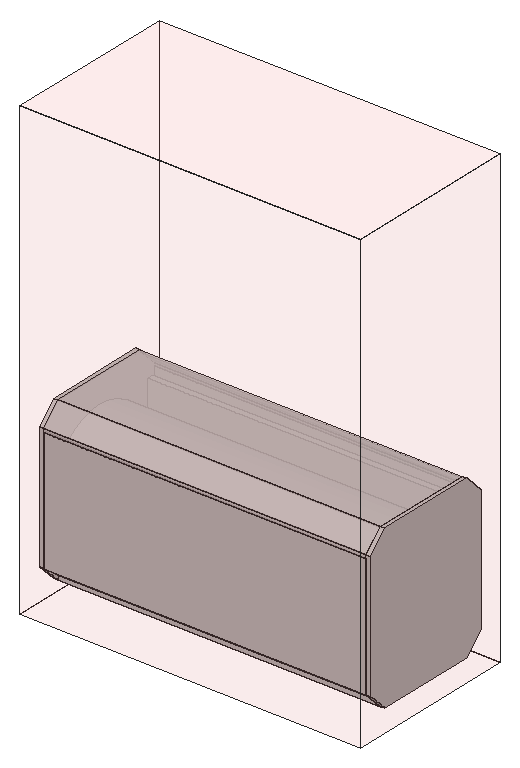
Revit family "Air-Curtain_Insect-Control_PoweredAire_RBT", category Mechanical Equipment, host Face, Revit 2018
Family settings
  Host = Face
  Round Connector Dimension = Use Diameter
  Part Type = Normal
  OmniClass Number = 23.75.35.17.21
  OmniClass Title = Air Curtains
  Cut with Voids When Loaded = No
  Shared = No
  Room Calculation Point = No
Parameters
  Warranty Duration (Years) = 0
  Unit Width Notes = "Other Widths available."  # constant formula
  Unit Width = 3' - 0"
  Unit Weight = 0
  Unit Height = 1' - 3"
  Unit Depth = 1' - 5 1/2"
  URL = "http://www.poweredaire.com/"
  Test Data = ""
  Standards Conformance = "as Specified"
  Specification = "http://www.arcat.com/sdspecs/htm04/23_34_33pai.htm"
  SpecWizard = ""
  Sound Pressure = "as Specified"
  Sales Information = "http://www.poweredaire.com/contact_us"
  Revision = "R1_2016-08"
  Projection from Host [instance] = 0' - 2"
  Product Properties = ""
  Product Data = "http://www.arcat.com/arcatcos/cos47/arc47623.html"
  Power Rating = 0 W
  Nozzle Width = if(1 = 1, Unit Width - 0' 1", 0' 0")  # 2' - 11"
  Mounting Width = if(1 = 1, Unit Width - 0' 0 15/16", 0' 0")  # 2' - 11 1/16"
  Mounting Height [instance] = 3' - 6"
  Motor RPM = 0
  Motor HP = 0
  Motor Count = 0
  Model = "As Specified"
  Max Height = 0' - 0"
  Manufacturer Website = "http://www.poweredaire.com/"
  Manufacturer Phone - Toll Free = "888-321-2473"
  Manufacturer Phone = "724-588-3305"
  Manufacturer Fax = "724-588-3371"
  Manufacturer Address = "109 Mortensen Rd.  Greenville, PA 16125"
  Manufacturer = "Powered Aire, Inc"
  Maintenance Schedule (Months) = 0
  Keynote = "23 34 33"
  Installation-Fabrication = ""
  Installation Phase = ""
  Include Clearance [instance] = yes
  Heating Element Load = 0 W
  HVAC_Temperature Rise = 0 °F
  HVAC_Outlet Volume = 0 CFM
  HVAC_Outlet Velocity Uniformity = 0
  HVAC_Outlet Velocity = 0 FPM
  Green Building-LEED = "http://www.arcat.com/green/clients/leed_data_47623.html"
  Front Grating Material [instance] = Metal - Steel - PoweredAire - Stainless 304 Perforated
  Frame Finish [instance] = Metal - Steel - PoweredAire - Stainless 304
  Expected Lifespan (Years) = 0
  Electrical_Wattage [instance] = Power Rating + Heating Element Load  # 0 W
  Electrical_Voltage [instance] = 0 V
  Electrical_Phase [instance] = 1
  Electrical_Frequency [instance] = 0 Hz
  Electrical_Amperage [instance] = 0 A
  Drawn By = "Sumex Design, Inc. / Robert S. Weygant, CSI, CDT, SCIP"
  Description = "Powered Aire Air Curtain as Specified"
  Default Elevation = 0' - 0"  # constant formula
  Copyright = "©Arcat Inc."
  Construction Details = "http://www.arcat.com/details/powair/prod3336.html"
  Clearance_Top [instance] = 0' - 2"
  Clearance_Side B [instance] = 0' - 0 1/2"
  Clearance_Side A [instance] = 0' - 0 1/2"
  Clearance_Intake [instance] = 2' - 6"
  Clearance_Bottom [instance] = 0' - 2"
  Clearance Material [instance] = ARCAT Clearance
  Building Codes = ""
  Available Options [instance] = "as Specified"
  Assembly Code = "D3090400"
Reference planes (in)
  plane 1 "Center (Elevation)": y = 0.13818
  plane 2: z = 0
  plane 3 "Center (Left/Right)": x = 0
  plane 4: y = 7.63818
  plane 5: y = -7.36182
  plane 6: x = -18
  plane 7: x = 18
  plane 8: z = 19.5
  plane 9 "FF": y = -41.86182
  plane 10: z = 2
  plane 11: x = 17.5
  plane 12: x = -17.5
  plane 13: y = 9.63818
  plane 14: y = -9.36182
  plane 15: x = -18.5
  plane 16: x = 18.5
  plane 17: z = 49.5
Forms (in)
  Extrusion 1, solid, material "Metal - Steel - PoweredAire - Stainless 304" <- "Frame Finish"
    sketch origin (0, 0, 0) x (0, 1, 0) y (0, 0, 1)
      loop
        line (5.69363, 2) -> (7.63818, 3.94454) -> (7.63818, 17.55546) -> (5.69363, 19.5) -> (-5.41728, 19.5) -> (-7.36182, 17.55546) -> (-7.36182, 3.94454) -> (-5.41728, 2) -> (5.69363, 2)
    from 17.5 to 18
  Extrusion 2, solid, material "Metal - Steel - PoweredAire - Stainless 304" <- "Frame Finish"
    sketch origin (0, 0, -0.5) x (0, 1, 0) y (0, 0, 1)
      loop
        circle (0.13818, 10.9739) r 6.25
      loop
        line (6.63818, 16.89427) -> (6.63818, 5.87829) -> (7.33849, 5.87829) -> (7.33849, 16.89427) -> (6.63818, 16.89427)
      loop
        line (-7.02798, 16.76927) -> (-7.02798, 5.75329) -> (-6.36182, 5.75329) -> (-6.36182, 16.76927) -> (-7.02798, 16.76927)
    from -17.5 to 17.5
  Extrusion 3, solid, material "Metal - Steel - PoweredAire - Stainless 304" <- "Frame Finish"
    sketch origin (0, 0, 0) x (0, 1, 0) y (0, 0, -1)
      loop
        line (5.69363, -2) -> (-5.41728, -2) -> (-7.36182, -3.94454) -> (-7.36182, -17.55546) -> (-5.41728, -19.5) -> (5.69363, -19.5) -> (7.63818, -17.55546) -> (7.63818, -3.94454) -> (5.69363, -2)
    from 17.5 to 18
  Extrusion 4, solid, material "Metal - Steel - PoweredAire - Stainless 304" <- "Frame Finish"
    sketch origin (0, 0, 0) x (0, 1, 0) y (0, 0, 1)
      loop
        line (-5.41728, 2) -> (5.69363, 2) -> (7.63818, 3.94454) -> (7.63818, 17.19454) -> (7.51318, 17.19454) -> (7.51318, 3.99632) -> (5.64186, 2.125) -> (-5.29228, 2.125) -> (-5.29228, 4.06954) -> (-7.23682, 4.06954) -> (-7.23682, 17.19454) -> (-7.36182, 17.19454) -> (-7.36182, 3.94454) -> (-5.41728, 3.94454) -> (-5.41728, 2)
      loop
        line (-6.64819, 3.61034) -> (-5.8702, 2.83235) -> (-5.74472, 2.95783) -> (-6.52271, 3.73583) -> (-6.64819, 3.61034)
    from -17.5 to 17.5
  Extrusion 5, solid, material "Metal - Steel - PoweredAire - Stainless 304 Perforated" <- "Front Grating Material"
    sketch origin (0, 0, 0) x (0, 1, 0) y (0, 0, 1)
      loop
        line (-7.36182, 17.19454) -> (-7.23682, 17.19454) -> (-7.23682, 17.50368) -> (-5.3655, 19.375) -> (5.64186, 19.375) -> (7.51318, 17.50368) -> (7.51318, 17.19454) -> (7.63818, 17.19454) -> (7.63818, 17.55546) -> (5.69363, 19.5) -> (-5.41728, 19.5) -> (-7.36182, 17.55546) -> (-7.36182, 17.19454)
    from -17.5 to 17.5
  Extrusion 6, solid, material "ARCAT Clearance" <- "Clearance Material", visible <- "Include Clearance"
    sketch origin (0, 0, 0) x (0, 1, 0) y (0, 0, 1)
      loop
        line (-9.36182, 49.5) -> (-9.36182, 0) -> (9.63818, 0) -> (9.63818, 49.5) -> (-9.36182, 49.5)
    from -18.5 to 18.5
Dimensions and locks (in)
  equal spacing: plane 4, plane 1 "Center (Elevation)", plane 5
  "Unit Height": plane 4 to plane 5
  equal spacing: plane 6, plane 3 "Center (Left/Right)", plane 7
  "Unit Width": plane 6 to plane 7
  "Mounting Height": plane 1 "Center (Elevation)" to plane 9 "FF"
  "Projection from Host": plane 10 to level
  "Unit Depth": plane 8 to plane 10
  locked: plane 6 to plane 12 at 0.5
  locked: plane 11 to plane 7 at 0.5
  "Clearance_Side A": plane 7 to plane 16
  "Clearance_Side B": plane 15 to plane 6
  "Clearance_Top": plane 13 to plane 4
  "Clearance_Bottom": plane 5 to plane 14
  "Clearance_Intake": plane 17 to plane 8
  aligned and locked: plane 2 to host face
  aligned and locked: level to host face
  aligned and locked: plane 7 to Extrusion 1
  aligned and locked: Extrusion 1 to plane 11
  aligned and locked: plane 12 to Extrusion 3
  aligned and locked: Extrusion 3 to plane 6
  aligned and locked: Extrusion 2 to plane 12
  aligned and locked: plane 11 to Extrusion 2
  aligned and locked: plane 11 to Extrusion 4
  aligned and locked: Extrusion 4 to plane 12
  aligned and locked: plane 11 to Extrusion 5
  aligned and locked: Extrusion 5 to plane 12
  aligned and locked: Extrusion 6 sketch curve to plane 17
  aligned and locked: plane 14 to Extrusion 6 sketch curve
  aligned and locked: level to Extrusion 6 sketch curve
  aligned and locked: Extrusion 6 sketch curve to plane 13
  aligned and locked: plane 16 to Extrusion 6
  aligned and locked: Extrusion 6 to plane 15
Automatic sketch dimensions
  host sketch curve to host sketch curve = 8' - 0"  (x2)
  Extrusion 1 sketch curve to plane 5 = 0' - 0"
  Extrusion 1 sketch curve to plane 8 = 0' - 0"
  Extrusion 1 sketch curve to plane 10 = 0' - 0"
  Extrusion 1 sketch curve to plane 4 = 0' - 0"
  plane 5 to Extrusion 1 sketch curve = 0' - 1.94454"  (x2)
  Extrusion 1 sketch curve to plane 4 = 0' - 1.94454"  (x2)
  plane 10 to Extrusion 1 sketch curve = 0' - 1.94454"  (x2)
  Extrusion 1 sketch curve to plane 8 = 0' - 1.94454"  (x2)
  Extrusion 2 sketch curve to plane 1 "Center (Elevation)" = 0' - 0"
  plane 5 to Extrusion 2 sketch curve = 0' - 1"
  plane 5 to Extrusion 2 sketch curve = 0' - 0.33384"
  Extrusion 2 sketch curve to plane 4 = 0' - 1"
  Extrusion 2 sketch curve to plane 4 = 0' - 0.29969"
  plane 10 to Extrusion 2 sketch curve = 0' - 3.37829"
  plane 10 to Extrusion 2 sketch curve = 0' - 3.25329"
  Extrusion 2 sketch curve to plane 8 = 0' - 9.0261"
  Extrusion 2 sketch curve to plane 8 = 0' - 3.23073"
  Extrusion 2 sketch curve to plane 8 = 0' - 3.10573"
  Extrusion 3 sketch curve to plane 5 = 0' - 0"
  Extrusion 3 sketch curve to plane 8 = 0' - 0"
  Extrusion 3 sketch curve to plane 10 = 0' - 0"
  Extrusion 3 sketch curve to plane 4 = 0' - 0"
  plane 5 to Extrusion 3 sketch curve = 0' - 1.94454"  (x2)
  Extrusion 3 sketch curve to plane 4 = 0' - 1.94454"  (x2)
  Extrusion 3 sketch curve to plane 8 = 0' - 1.94454"  (x2)
  plane 10 to Extrusion 3 sketch curve = 0' - 1.94454"  (x2)
  Extrusion 4 sketch curve to plane 5 = 0' - 0"
  Extrusion 4 sketch curve to plane 10 = 0' - 0"
  Extrusion 4 sketch curve to plane 4 = 0' - 0"
  plane 5 to Extrusion 4 sketch curve = 0' - 0 1/8"
  plane 5 to Extrusion 4 sketch curve = 0' - 0.71363"
  Extrusion 4 sketch curve to Extrusion 4 sketch curve = 0' - 0.12548"  (x2)
  Extrusion 4 sketch curve to Extrusion 4 sketch curve = 0' - 0.778"
  Extrusion 4 sketch curve to Extrusion 4 sketch curve = 0' - 0.32744"
  Extrusion 4 sketch curve to Extrusion 4 sketch curve = 0' - 0 1/8"  (x2)
  plane 10 to Extrusion 4 sketch curve = 0' - 0 1/8"
  Extrusion 4 sketch curve to plane 4 = 0' - 1.99632"
  Extrusion 4 sketch curve to Extrusion 4 sketch curve = 0' - 0.05178"  (x2)
  plane 10 to Extrusion 4 sketch curve = 0' - 0.83235"
  plane 10 to Extrusion 4 sketch curve = 0' - 1.94454"
  Extrusion 4 sketch curve to Extrusion 4 sketch curve = 0' - 0.3342"
  Extrusion 4 sketch curve to plane 4 = 0' - 0 1/8"
  Extrusion 4 sketch curve to plane 8 = 0' - 2.30546"  (x2)
  Extrusion 5 sketch curve to plane 5 = 0' - 0"
  Extrusion 5 sketch curve to plane 8 = 0' - 0"
  Extrusion 5 sketch curve to plane 4 = 0' - 0"
  plane 5 to Extrusion 5 sketch curve = 0' - 0 1/8"
  plane 5 to Extrusion 5 sketch curve = 0' - 1.94454"
  Extrusion 5 sketch curve to plane 8 = 0' - 0 1/8"
  Extrusion 5 sketch curve to Extrusion 5 sketch curve = 0' - 0.05178"  (x4)
  Extrusion 5 sketch curve to plane 4 = 0' - 1.99632"
  Extrusion 5 sketch curve to plane 8 = 0' - 1.94454"  (x2)
  Extrusion 5 sketch curve to Extrusion 5 sketch curve = 0' - 0 1/8"
  Extrusion 5 sketch curve to Extrusion 5 sketch curve = 0' - 0.30914"  (x2)
  radius of Extrusion 2 sketch curve = 0' - 6 1/4"
Connectors (in)
  electrical at (0, 7.63818, 10.56954), driven by "Electrical_Phase", driven by "Electrical_Voltage"
    settings: on Extrusion 4, index 1, voltage 0 V, apparent load 0 VA, apparent load phase1 0 VA, apparent load phase2 0 VA, apparent load phase3 0 VA, power factor 1, load classification "Motor", number of poles 1, system type 31, power factor state 1, is connector primary yes, connector utility no, sub classification motor no, connector description ""
